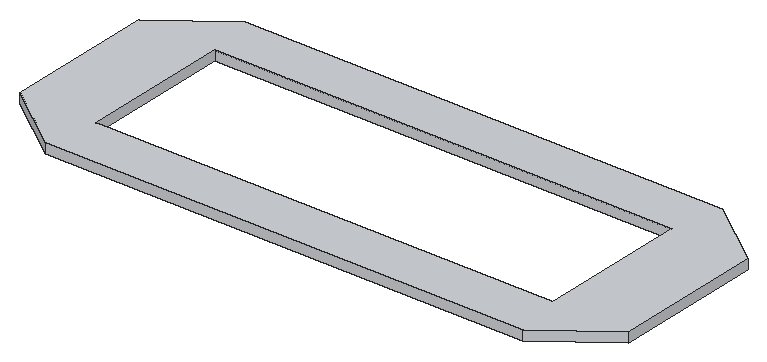
Revit family "Domotics-DomesticRanges-GEWISS-CHORUS_PLATES_SUPPORT", category Apparecchi elettrici, Revit 2016
Family settings
  Mantenere orientamento annotazione = Sì
  Tipo di parte = Normale
  Quota connettore circolare = Usa diametro
  Basato su piano di lavoro = Sì
  Sempre verticale = Sì
  Taglio con vuoti quando caricato = No
  Condiviso = No
  Punto di calcolo locali = No
Parameters (values of type "GW16806 - 6P")
  Version file RFA = "18.0"
  URL = "https://www.gewiss.com/ww/en"
  Thermo-pressure with ball = "70 °C"
  Technical sheet = "https://www.gewiss.com/ww/en/search?q=GW16806"
  Standard; = "EN 60669-1"
  SEO = "Support"
  Realized by GEWISS S.p.A. = ""
  Produttore = "GEWISS S.p.A."
  Modello = "GW16806"
  Immagine tipo = GW16806.jpg
  Larghezza supporto = 184 mm
  Larghezza foro = 138 mm
  Default Elevation = 1219.2 mm
  Materiale supporto = none
  IDT = "d13691f8-931b-4039-a4b6-72340c29483b"
  IDF = "335af19c-623e-4047-bccf-e3475741a18a"
  Glow wire test: = "650 °C"
  For box = "6 modules"
  Fixing = "4 screws (included)"
  Electrocod = "0121                "
  EAN code = "8011564274808"
  Descrizione = "SUPPORT, ITALIAN STANDARD, 6-GANG"
  Description: = "6 gang"
  Characteristics = "Halogen free"
  Catalogue Range = "CHORUS - Special plates"
  Catalogue = "DOMOTICS"
  COBie.Tagnumber = ""
  COBie.CreatedOn = ""
  COBie.CreatebBy = ""
  COBie.ComponentRegisterItemID = ""
  COBie.Component.TagNumber = ""
  COBie.Component.Space = ""
  COBie.Component.SerialNumber = ""
  COBie.Component.InstallationDate = ""
  COBie.Component.Description = ""
  COBie.Component.BarCode = ""
  Altezza foro = 45 mm
Types (4, lengths in mm): name | Technical sheet | Modello | Immagine tipo | Larghezza supporto | Larghezza foro | IDT | For box | Fixing | EAN code | Descrizione | Description:
  GW16802 - 2P | "https://www.gewiss.com/ww/en/search?q=GW16802" | "GW16802" | GW10016561.jpg | 108 | 46 | "74bab39e-72ef-496a-b453-f7ab06ca4be2" | "3 modules" | "2 screws (included)" | "8011564274778" | "SUPPORT, ITALIAN STANDARD, 2-GANG" | "2 gang"
  GW16803 - 3P | "https://www.gewiss.com/ww/en/search?q=GW16803" | "GW16803" | GW16803.jpg | 108 | 69 | "6615cbbd-847a-4962-80df-2c04d3d30e93" | "3 modules" | "2 screws (included)" | "8011564274785" | "SUPPORT, ITALIAN STANDARD, 3-GANG" | "3 gang"
  GW16804 - 4P | "https://www.gewiss.com/ww/en/search?q=GW16804" | "GW16804" | GW16804.jpg | 133 | 92 | "0c56d510-be46-4351-a04f-65e6e970ebf7" | "4 modules" | "2 screws (included)" | "8011564274792" | "SUPPORT, ITALIAN STANDARD, 4-GANG" | "4 gang"
  GW16806 - 6P | "https://www.gewiss.com/ww/en/search?q=GW16806" | "GW16806" | GW16806.jpg | 184 | 138 | "d13691f8-931b-4039-a4b6-72340c29483b" | "6 modules" | "4 screws (included)" | "8011564274808" | "SUPPORT, ITALIAN STANDARD, 6-GANG" | "6 gang"
Reference planes
  plane 1 "Centro (Fronte/Retro)": y = 0
  plane 2: z = 0
  plane 3 "Centro (Sinistra/Destra)": x = 0
  plane 4: z = 3
  plane 5: y = 22.5
  plane 6: y = -22.5
  plane 7: x = 92
  plane 8: x = -92
  plane 9: y = 37.5
  plane 10: y = -37.5
  plane 11: x = -69
  plane 12: x = 69
Forms (mm)
  Extrusion 1, solid
    sketch origin (0, 0, 0) x (1, 0, 0) y (0, 1, 0)
      loop
        line (-92, 22.5) -> (-92, -22.5) -> (-72, -37.5) -> (72, -37.5) -> (92, -22.5) -> (92, 22.5) -> (72, 37.5) -> (-72, 37.5) -> (-92, 22.5)
      loop
        line (-69, 22.5) -> (-69, -22.5) -> (69, -22.5) -> (69, 22.5) -> (-69, 22.5)
    from 0 to 3
Dimensions and locks
  locked: plane 4 to plane 2 at 3
  equal spacing: plane 5, plane 1 "Centro (Fronte/Retro)", plane 6
  "Altezza foro": plane 5 to plane 6
  locked: plane 9 to plane 5 at 15
  locked: plane 6 to plane 10 at 15
  "Larghezza foro": plane 11 to plane 12
  equal spacing: plane 11, plane 3 "Centro (Sinistra/Destra)", plane 12
  "Larghezza supporto": plane 8 to plane 7
  equal spacing: plane 8, plane 3 "Centro (Sinistra/Destra)", plane 7
  aligned and locked: level to plane 2
  aligned and locked: Extrusion 1 sketch curve to plane 9
  aligned and locked: Extrusion 1 sketch curve to plane 7
  aligned and locked: plane 10 to Extrusion 1 sketch curve
  aligned and locked: plane 8 to Extrusion 1 sketch curve
  aligned and locked: Extrusion 1 sketch curve to plane 5
  aligned and locked: plane 11 to Extrusion 1 sketch curve
  aligned and locked: plane 6 to Extrusion 1 sketch curve
  aligned and locked: Extrusion 1 sketch curve to plane 12
  aligned and locked: plane 4 to Extrusion 1
  aligned and locked: Extrusion 1 to plane 8
  aligned and locked: plane 7 to Extrusion 1
Automatic sketch dimensions
  Extrusion 1 sketch curve to plane 6 = 0 mm  (x2)
  Extrusion 1 sketch curve to plane 5 = 0 mm  (x2)
  Extrusion 1 sketch curve to plane 11 = 3 mm  (x2)
  plane 12 to Extrusion 1 sketch curve = 3 mm  (x2)
